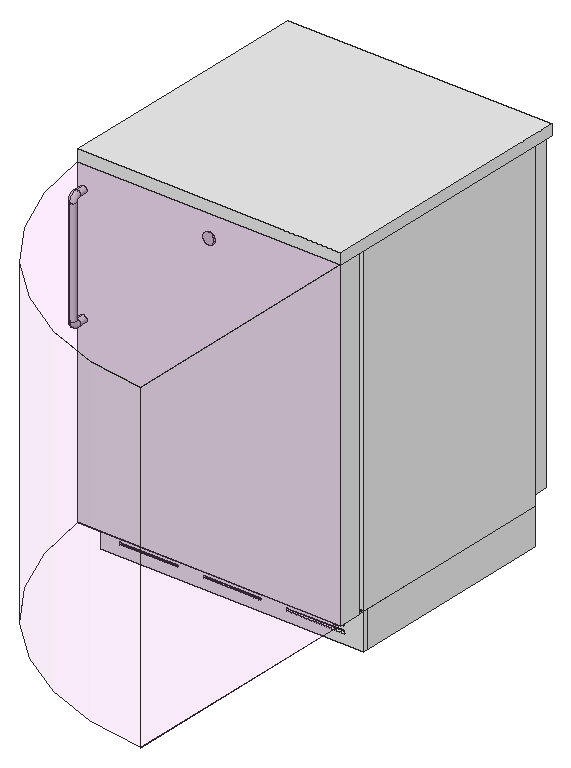
Revit family "QF_Summit_FF6LW_Refrigerator", category Specialty Equipment, Revit 2020
Family settings
  Round Connector Dimension = Use Diameter
  Part Type = Normal
  Work Plane-Based = No
  Always vertical = Yes
  Cut with Voids When Loaded = No
  Shared = No
  Room Calculation Point = No
Parameters
  Weight in Pounds = 100
  Watts = Volts * FL Amps  # 92 W
  Volts = 115 V
  URL Cutsheet = ""
  Specification by User = ""
  Specification by Manufacturer = ""
  Show LHD [instance] = no
  Right Hinged Door [instance] = not(Show LHD)  # yes
  Serial Number = ""
  Seismic Rating = ""
  SMACNA No = ""
  Revision Code = ""
  Refrigerant Volume = 0.00 kip
  Refrigerant Type = "R600a"
  Phase = 1
  Number of Poles = 1
  NAFEM Spec ID Number = ""
  Model = "FF6LW"
  Min Ckt Ampacity = 0 A
  Max Overcurrent Protection = 0 A
  Masterspec = ""
  Manufacturer = "Summit"
  Length = 23 5/8"
  Item Number = ""
  Installed By = ""
  Identify Quantity as Lot = yes
  Height = 33 1/2"
  HP = ""
  Furnished By = ""
  Foodservice Equipment Identifier = yes
  FL Amps = 0.8 A
  Electrical Remarks = ""
  Electric Connection Type = ""
  Elec Conn RI Height = 0"
  Elec Conn Connection Height = 0"
  Description = "Refrigerator"
  Depth = 23 5/8"
  Default Elevation = 0"
  Cycle = 60 Hz
  Conn Plug = ""
  Conn Conduit = yes
  CSI MasterFormat = ""
  BTUH = 0.0 Btu/h
  Apparent Power = if(Phase = 3, Volts * FL Amps * 1.73, Volts * FL Amps)  # 92 VA
Reference planes (in)
  plane 1 "BACK": y = 0
  plane 2: z = 0
  plane 3 "LEFT": x = 0
  plane 4 "RIGHT": x = 23.625
  plane 5 "FRONT": y = -23.625
  plane 6 "TOP": z = 33.5
  plane 7 "Center Y": x = 11.8125
  plane 8 "Center X": y = -11.8125
  plane 9: z = 32.5
  plane 10: y = -25.125
  plane 11: y = -46.125
  plane 12: y = -1.875
  plane 13: y = -21
  plane 14: z = 3.5
  plane 15: z = 0.25
  plane 16: x = 15.625
Forms (in)
  Extrusion 1, solid, material "QF_Clearances_Door_Drawer", visible <- "Right Hinged Door"
    sketch origin (-5.77638, -180, 3.5) x (0, -1, 0) y (-1, 0, 0)
      loop
        line (-156.375, -29.40138) -> (-133.875, -29.40138)
        arc (-133.875, -29.40138) -> (-140.72578, -13.40614) -> (-156.375, -5.79807) r 24.90887
        line (-156.375, -5.79807) -> (-156.375, -29.40138)
    from 0 to -29
  Extrusion 2, solid, material "QF_Metallic_Paint_White_Smooth"
    sketch origin (-4.07558, -180, 0.375) x (-1, 0, 0) y (0, -1, 0)
      loop
        line (-4.07558, -178.125) -> (-4.07558, -159) -> (-27.70058, -159) -> (-27.70058, -178.125) -> (-4.07558, -178.125)
    from 3.125 to 32.125
  Extrusion 3, solid, material "QF_Metallic_Paint_White_Smooth"
    sketch origin (-5.77638, -180.25, 3.625) x (-1, 0, 0) y (0, -1, 0)
      loop
        line (-5.77638, -156.625) -> (-29.40138, -156.625) -> (-29.40138, -158.61283) -> (-5.77638, -158.61283) -> (-5.77638, -156.625)
    from -0.125 to 28.875
  Extrusion 4, solid, material "QF_Metallic_Paint_White_Smooth"
    sketch origin (23.625, -21.63717, 3.625) x (-1, 0, 0) y (0, 0, 1)
      loop
        line (0.5, 0.375) -> (23.125, 0.375) -> (23.125, 28.375) -> (0.5, 28.375) -> (0.5, 0.375)
    from 0 to 0.63717
  Extrusion 5, solid, material "QF_Metallic_Paint_White_Smooth"
    sketch origin (-5.77638, -180, 3.5) x (0, 1, 0) y (1, 0, 0)
      loop
        line (159, 29.27619) -> (156.87717, 29.27619)
        arc (156.87717, 29.27619) -> (156.46088, 28.95386) -> (156.66871, 28.47012) r 0.42999
        line (156.66871, 28.47012) -> (159, 27.61413) -> (159, 29.27619)
    from 0 to 0.125
  Extrusion 6, solid, material "QF_Metallic_Paint_White_Smooth"
    sketch origin (-12.48311, -21, 48.125) x (-1, 0, 0) y (0, 0, 1)
      loop
        line (-12.48311, -44.625) -> (-36.10811, -44.625) -> (-36.10811, -47.875) -> (-12.48311, -47.875) -> (-12.48311, -44.625)
      loop
        line (-14.18872, -45.26011) -> (-19.43872, -45.26011) -> (-19.43872, -45.51011) -> (-14.18872, -45.51011) -> (-14.18872, -45.26011)
      loop
        line (-14.18872, -45.76011) -> (-19.43872, -45.76011) -> (-19.43872, -46.01011) -> (-14.18872, -46.01011) -> (-14.18872, -45.76011)
      loop
        line (-14.18872, -46.26011) -> (-19.43872, -46.26011) -> (-19.43872, -46.51011) -> (-14.18872, -46.51011) -> (-14.18872, -46.26011)
      loop
        line (-14.18872, -46.76011) -> (-19.43872, -46.76011) -> (-19.43872, -47.01011) -> (-14.18872, -47.01011) -> (-14.18872, -46.76011)
      loop
        line (-21.67061, -45.26011) -> (-26.92061, -45.26011) -> (-26.92061, -45.51011) -> (-21.67061, -45.51011) -> (-21.67061, -45.26011)
      loop
        line (-21.67061, -45.76011) -> (-26.92061, -45.76011) -> (-26.92061, -46.01011) -> (-21.67061, -46.01011) -> (-21.67061, -45.76011)
      loop
        line (-21.67061, -46.26011) -> (-26.92061, -46.26011) -> (-26.92061, -46.51011) -> (-21.67061, -46.51011) -> (-21.67061, -46.26011)
      loop
        line (-21.67061, -46.76011) -> (-26.92061, -46.76011) -> (-26.92061, -47.01011) -> (-21.67061, -47.01011) -> (-21.67061, -46.76011)
      loop
        line (-34.40249, -45.26011) -> (-34.40249, -45.51011) -> (-29.15249, -45.51011) -> (-29.15249, -45.26011) -> (-34.40249, -45.26011)
      loop
        line (-34.40249, -45.76011) -> (-34.40249, -46.01011) -> (-29.15249, -46.01011) -> (-29.15249, -45.76011) -> (-34.40249, -45.76011)
      loop
        line (-34.40249, -46.26011) -> (-34.40249, -46.51011) -> (-29.15249, -46.51011) -> (-29.15249, -46.26011) -> (-34.40249, -46.26011)
      loop
        line (-34.40249, -46.76011) -> (-34.40249, -47.01011) -> (-29.15249, -47.01011) -> (-29.15249, -46.76011) -> (-34.40249, -46.76011)
    from 0 to 0.25
  Extrusion 7, solid, material "QF_Metallic_Paint_White_Smooth"
    sketch origin (-12.48311, -1, 48.125) x (-1, 0, 0) y (0, 0, 1)
      loop
        line (-12.48311, -44.625) -> (-36.10811, -44.625) -> (-36.10811, -47.875) -> (-12.48311, -47.875) -> (-12.48311, -44.625)
    from -19.75 to -0.875
  Extrusion 8, solid, material "QF_Metallic_Paint_White_Smooth"
    sketch origin (0, 0, 0.125) x (1, 0, 0) y (0, 1, 0)
      loop
        circle (3.1104, -19) r 0.5
      loop
        circle (3.1104, -3.875) r 0.5
      loop
        circle (18.67791, -19) r 0.5
      loop
        circle (18.67791, -3.875) r 0.5
    from -0.125 to 0.125
  Extrusion 9, solid, material "QF_Metal_Stainless_Polished"
    sketch origin (-1.83669, -1.875, 0.375) x (1, 0, 0) y (0, 0, -1)
      loop
        circle (17.46169, -0.84684) r 0.25
    from 0 to 0.25
  Extrusion 10, solid, material "QF_Metallic_Paint_White_Smooth"
    sketch origin (0, -0.75, 17.875) x (0, -1, 0) y (1, 0, 0)
      loop
        line (-0.75, 0.5) -> (1.125, 0.5) -> (1.125, 23.125) -> (-0.75, 23.125) -> (-0.75, 0.5)
    from -13.875 to 14.625
  Sweep 11, solid, material "QF_Metal_Stainless_Polished", visible <- "Right Hinged Door"
    path origin (0.5, -0.25, 1.125) x (0, 1, 0) y (0, 0, 1)
      loop
        line (-23.375, 29.625) -> (-24.125, 29.625)
        arc (-24.125, 29.625) -> (-24.65533, 29.40533) -> (-24.875, 28.875) r 0.75
        line (-24.875, 28.875) -> (-24.875, 19.375)
        arc (-24.875, 19.375) -> (-24.65533, 18.84467) -> (-24.125, 18.625) r 0.75
        line (-24.125, 18.625) -> (-23.375, 18.625)
    profile origin (0.5, -24, 30.75) x (0, 0, -1) y (1, 0, 0)
      loop
        circle (0.3, 0) r 0.3
  Extrusion 12, solid, material "QF_Metallic_Paint_White_Smooth"
    sketch origin (-38.39759, -180, 33.5) x (-1, 0, 0) y (0, -1, 0)
      loop
        line (-38.39759, -180) -> (-38.39759, -156.375) -> (-62.02259, -156.375) -> (-62.02259, -180) -> (-38.39759, -180)
    from 0 to -1
  Extrusion 13, solid, material "QF_Metal_Stainless_Polished"
    sketch origin (0, -23.625, 4.625) x (1, 0, 0) y (0, 0, 1)
      loop
        circle (11.8125, 25.875) r 0.5
    from 0 to 0.0625
  Extrusion 14, solid, material "QF_Clearances_Door_Drawer", visible <- "Show LHD"
    sketch origin (29.40138, -180, 3.5) x (0, 1, 0) y (1, 0, 0)
      loop
        line (156.375, -29.40138) -> (156.375, -5.79807)
        arc (156.375, -5.79807) -> (140.72578, -13.40614) -> (133.875, -29.40138) r 24.90887
        line (133.875, -29.40138) -> (156.375, -29.40138)
    from 0 to -29
  Sweep 15, solid, material "QF_Metal_Stainless_Polished", visible <- "Show LHD"
    path origin (23.125, -0.25, 1.125) x (0, 1, 0) y (0, 0, -1)
      loop
        line (-23.375, -29.625) -> (-24.125, -29.625)
        arc (-24.125, -29.625) -> (-24.65533, -29.40533) -> (-24.875, -28.875) r 0.75
        line (-24.875, -28.875) -> (-24.875, -19.375)
        arc (-24.875, -19.375) -> (-24.65533, -18.84467) -> (-24.125, -18.625) r 0.75
        line (-24.125, -18.625) -> (-23.375, -18.625)
    profile origin (23.125, -24, 30.75) x (0, 0, 1) y (-1, 0, 0)
      loop
        circle (-0.3, 0) r 0.3
Lines and regions (in)
  symbolic lines
    curve 1: line (0, 0, 0) -> (23.625, 0, 0)
    curve 2: line (0, -23.625, 0) -> (0, 0, 0)
    curve 3: line (23.625, -23.625, 0) -> (0, -23.625, 0)
    curve 4: line (23.625, 0, 0) -> (23.625, -23.625, 0)
  symbolic lines, visible <- "Right Hinged Door"
    curve 5: line (0.79985, -24.82472, 0) -> (0.79985, -23.625, 0)
    curve 6: line (0.19928, -24.82472, 0) -> (0.19928, -23.625, 0)
    curve 7: arc (0.19928, -24.82472, 0) -> (0.49957, -25.125, 0) -> (0.79985, -24.82472, 0) r 0.30028
  symbolic lines, style "QF_Clearances_Door_Drawer", visible <- "Right Hinged Door"
    curve 8: line (23.625, -23.625, 0) -> (4.01506, -34.94681, 0)
    curve 9: arc (4.01506, -34.94681, 0) -> (1.32607, -29.53009, 0) -> (0.02169, -23.625, 0) r 24.90887
  symbolic lines, visible <- "Show LHD"
    curve 10: line (22.82515, -24.82472, 0) -> (22.82515, -23.625, 0)
    curve 11: line (23.42572, -24.82472, 0) -> (23.42572, -23.625, 0)
    curve 12: arc (23.42572, -24.82472, 0) -> (23.12543, -25.125, 0) -> (22.82515, -24.82472, 0) r 0.30028
  symbolic lines, style "QF_Clearances_Door_Drawer", visible <- "Show LHD"
    curve 13: line (0, -23.625, 0) -> (19.60994, -34.94681, 0)
    curve 14: arc (19.60994, -34.94681, 0) -> (22.29893, -29.53009, 0) -> (23.60331, -23.625, 0) r 24.90887
Dimensions and locks (in)
  equal spacing: plane 3 "LEFT", plane 7 "Center Y", plane 4 "RIGHT"
  "Length": plane 3 "LEFT" to plane 4 "RIGHT"
  equal spacing: plane 5 "FRONT", plane 8 "Center X", plane 1 "BACK"
  "Depth": plane 5 "FRONT" to plane 1 "BACK"
  "Height": plane 6 "TOP" to level
  plane 4 "RIGHT" to plane 3 "LEFT" = 23 5/8"
  locked: plane 6 "TOP" to plane 9 at 1
  locked: plane 10 to plane 5 "FRONT" at 1.5
  plane 1 "BACK" to plane 12 = 1 7/8"
  plane 9 to plane 2 = 32 1/2"
  plane 11 to plane 1 "BACK" = 46 1/8"
  plane 14 to plane 15 = 3 1/4"
  plane 15 to plane 2 = 1/4"
  plane 5 "FRONT" to plane 12 = 21 3/4"
  aligned and locked: level to plane 2
Automatic sketch dimensions
  curve 2 to plane 3 "LEFT" = 0"
  plane 5 "FRONT" to curve 9 = 0"
  plane 5 "FRONT" to curve 6 = 0"
  plane 5 "FRONT" to curve 14 = 0"
  curve 3 to plane 4 "RIGHT" = 0"
  plane 1 "BACK" to curve 2 = 0"
  curve 14 to plane 13 = 0.24465"
  curve 14 to plane 3 "LEFT" = 1.19156"
  plane 3 "LEFT" to curve 6 = 0.19928"
  curve 6 to curve 7 = 0.30028"
  plane 3 "LEFT" to curve 8 = 4.01506"
  curve 13 to plane 16 = 3.98494"
  plane 4 "RIGHT" to curve 10 = 0.79985"
  curve 10 to curve 12 = 0.30028"
  curve 9 to plane 13 = 0.24465"
  curve 9 to plane 4 "RIGHT" = 1.19156"
  plane 10 to curve 7 = 0.30028"
  plane 10 to curve 12 = 0.30028"
  curve 8 to plane 10 = 9.82181"
  curve 13 to plane 10 = 9.82181"
  plane 5 "FRONT" to Extrusion 1 sketch curve = 0"
  Extrusion 1 sketch curve to plane 4 "RIGHT" = 0"
  Extrusion 1 sketch curve to plane 11 = 0"
  Extrusion 1 sketch curve to plane 13 = 0.24465"
  plane 3 "LEFT" to Extrusion 1 sketch curve = 0.02169"
  Extrusion 2 sketch curve to plane 4 "RIGHT" = 0"
  Extrusion 2 sketch curve to plane 3 "LEFT" = 0"
  Extrusion 2 sketch curve to plane 12 = 0"
  Extrusion 2 sketch curve to plane 13 = 0"
  Extrusion 3 sketch curve to plane 4 "RIGHT" = 0"
  Extrusion 3 sketch curve to plane 3 "LEFT" = 0"
  plane 5 "FRONT" to Extrusion 3 sketch curve = 0"
  Extrusion 3 sketch curve to plane 13 = 0.63717"
  Extrusion 3 to Extrusion 4 sketch curve = 1/2"  (x3)
  Extrusion 4 sketch curve to Extrusion 3 = 1/2"
  Extrusion 5 sketch curve to plane 13 = 0"
  Extrusion 5 sketch curve to plane 5 "FRONT" = 0.50217"
  Extrusion 5 sketch curve to plane 5 "FRONT" = 0.29371"
  plane 4 "RIGHT" to Extrusion 5 sketch curve = 0.12518"
  Extrusion 5 sketch curve to Extrusion 5 sketch curve = 0.42999"
  Extrusion 5 sketch curve to Extrusion 5 sketch curve = 1.66207"
  plane 4 "RIGHT" to Extrusion 6 sketch curve = 0"
  Extrusion 6 sketch curve to plane 3 "LEFT" = 0"
  Extrusion 6 sketch curve to plane 15 = 0"
  Extrusion 6 sketch curve to plane 14 = 0"
  plane 4 "RIGHT" to Extrusion 6 sketch curve = 1.70562"
  Extrusion 6 sketch curve to Extrusion 6 sketch curve = 0"  (x18)
  Extrusion 6 sketch curve to plane 16 = 1.04438"
  plane 16 to Extrusion 6 sketch curve = 1 3/16"
  Extrusion 6 sketch curve to plane 14 = 1.13511"
  Extrusion 6 sketch curve to plane 7 "Center Y" = 2 5/8"
  plane 15 to Extrusion 6 sketch curve = 1.11489"
  Extrusion 6 sketch curve to Extrusion 6 sketch curve = 2.23188"
  plane 3 "LEFT" to Extrusion 6 sketch curve = 1.70562"
  plane 15 to Extrusion 6 sketch curve = 0.86489"  (x2)
  Extrusion 6 sketch curve to Extrusion 6 sketch curve = 1/4"  (x20)
  plane 4 "RIGHT" to Extrusion 7 sketch curve = 0"
  Extrusion 7 sketch curve to plane 3 "LEFT" = 0"
  Extrusion 7 sketch curve to plane 15 = 0"
  Extrusion 7 sketch curve to plane 14 = 0"
  plane 3 "LEFT" to Extrusion 8 sketch curve = 3.1104"  (x2)
  Extrusion 8 sketch curve to plane 16 = 3.05291"  (x2)
  plane 13 to Extrusion 8 sketch curve = 2"  (x2)
  Extrusion 8 sketch curve to plane 12 = 2"  (x2)
  Extrusion 9 sketch curve to Extrusion 2 = 2.27816"
  Extrusion 9 sketch curve to Extrusion 2 = 8"
  plane 1 "BACK" to Extrusion 10 sketch curve = 0"
  Extrusion 10 sketch curve to plane 12 = 0"
  plane 3 "LEFT" to Extrusion 10 sketch curve = 1/2"
  plane 4 "RIGHT" to Extrusion 10 sketch curve = 1/2"
  Sweep 11 sketch curve to plane 10 = 0"
  Sweep 11 sketch curve to plane 5 "FRONT" = 0"  (x2)
  plane 5 "FRONT" to Sweep 11 sketch curve = 3/4"  (x2)
  Sweep 11 sketch curve to plane 9 = 12 3/4"
  Sweep 11 sketch curve to plane 9 = 2 1/2"
  Sweep 11 sketch curve to profile plane = 0"
  Sweep 11 sketch curve to profile plane = 0.3"
  plane 1 "BACK" to Extrusion 12 sketch curve = 0"
  Extrusion 12 sketch curve to plane 4 "RIGHT" = 0"
  Extrusion 12 sketch curve to plane 3 "LEFT" = 0"
  plane 5 "FRONT" to Extrusion 12 sketch curve = 0"
  Extrusion 3 to Extrusion 13 sketch curve = 2"
  Extrusion 3 to Extrusion 13 sketch curve = 11 13/16"
  Extrusion 14 sketch curve to plane 3 "LEFT" = 0"
  Extrusion 14 sketch curve to plane 11 = 0"
  plane 5 "FRONT" to Extrusion 14 sketch curve = 0"
  Extrusion 14 sketch curve to plane 13 = 0.24465"
  plane 4 "RIGHT" to Extrusion 14 sketch curve = 0.02169"
  Sweep 15 sketch curve to plane 10 = 0"
  Sweep 15 sketch curve to plane 5 "FRONT" = 0"  (x2)
  plane 5 "FRONT" to Sweep 15 sketch curve = 3/4"  (x2)
  Sweep 15 sketch curve to plane 9 = 1 3/4"
  Sweep 15 sketch curve to Sweep 15 sketch curve = 9 1/2"
  profile plane to Sweep 15 sketch curve = 0"
  profile plane to Sweep 15 sketch curve = 0.3"
  radius of Extrusion 8 sketch curve = 1/2"  (x4)
  radius of Extrusion 9 sketch curve = 1/4"
  radius of Sweep 11 sketch curve = 0.3"
  radius of Extrusion 13 sketch curve = 1/2"
  radius of Sweep 15 sketch curve = 0.3"
Connectors (in)
  electrical at (15.625, -1.625, 1.22184), driven by "Volts", driven by "Watts"
    settings: on Extrusion 9, index 3, voltage 115 V, apparent load 92 VA, apparent load phase1 0 VA, apparent load phase2 0 VA, apparent load phase3 0 VA, power factor 1, load classification "Other", number of poles 1, system type 30, power factor state 1, is connector primary yes, connector utility no, sub classification motor no, connector description ""
